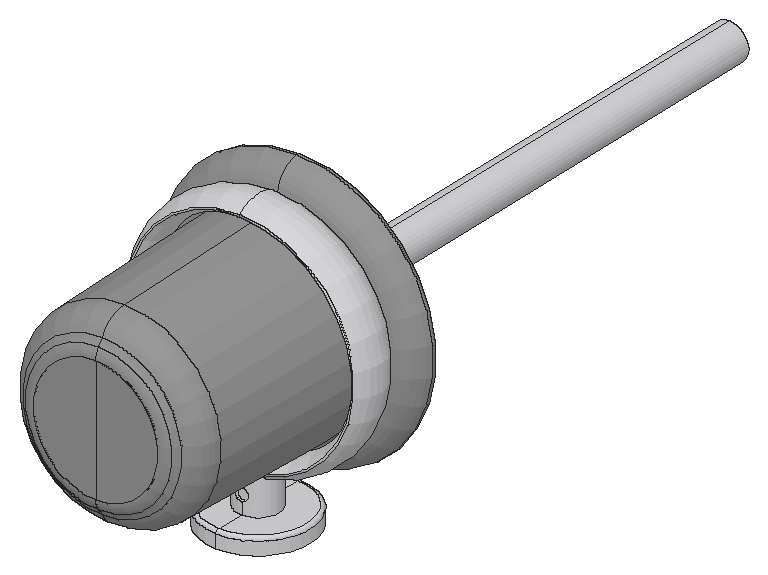
Revit family "Accessory-Brush_Holder-KOHLER-KUMIN-K-97899T-1", category Specialty Equipment, host Face, Revit 2017
Family settings
  Host = Face
  Round Connector Dimension = Use Diameter
  Part Type = Normal
  OmniClass Number = 23.31.25.00
  Cut with Voids When Loaded = No
  Shared = No
  Room Calculation Point = No
Parameters (values of type "CP- Polished Chrome")
  Width = 4 155/256"  # constant formula
  WaterSense Certified = 1 = 0  # no
  URL = "http://www.kohler.com.cn/"
  Type = 1
  Product Page URL = "https://www.kohler.com.cn/product/K-97899T-CP/K-97899T-CP/"
  Product Name = "KUMIN"  # constant formula
  Product Documentation Link = "https://files.kohler.com.cn/pdfs/1489027735923_97878.pdf"
  Model = if(Type = 1, "K-97899T-CP", if(Type = 2, "K-97899T-BL", "NA"))  # "K-97899T-CP"
  Material = "Premium Metal Construction"  # constant formula
  Master Format 2014 Name = "Toilet, Bath, and Laundry Accessories"  # constant formula
  Master Format 2014 = "10 28 00"  # constant formula
  Manufacturer Address = "Kohler Beijing Office (100016) 36-2-03-B, No. 88, Liuxiang Road, Beijing"  # constant formula
  Manufacturer = "KOHLER Co."  # constant formula
  Length = 5 25/128"  # constant formula
  Height = 13 89/256"  # constant formula
  Finish = Kohler-Metal-CP-Polished_Chrome
  Environmental Product Declaration = ""
  Description = "KUMIN Kemei toilet brush holder"  # constant formula
  Default Elevation = 42"
  Declare Label = ""
  Date Modified = "12/29/2020"  # constant formula
  Date Created = "12/29/2020"  # constant formula
  Copyright = "Copyright KOHLER Co."  # constant formula
  Contact Us = "http://www.kohler.com.cn/contact/contact-us/"
  Assembly Code = "C1030200"
  ADA Compliant = 1 = 0  # no
Types (3): name | Type | Product Page URL | Model | Finish
  (no name) | 1 | "https://www.kohler.com.cn/product/K-97899T-CP/K-97899T-CP/" | "K-97899T-CP" | Kohler-Metal-CP-Polished_Chrome
  CP- Polished Chrome | 1 | "https://www.kohler.com.cn/product/K-97899T-CP/K-97899T-CP/" | "K-97899T-CP" | Kohler-Metal-CP-Polished_Chrome
  BL- Matte Black | 2 | "https://www.kohler.com.cn/product/K-97899T-CP/K-97899T-BL/" | "K-97899T-BL" | Kohler-Metal-BL-Matte_Black
Reference planes (in)
  plane 1 "Center (Front/Back)": y = 0
  plane 2: z = 0
  plane 3 "Center (Left/Right)": x = 0
  plane 4: z = 5.19531
  plane 5: x = 2.30315
  plane 6: x = -2.30232
  plane 7: z = 2.8937
  plane 8: x = 0.88583
  plane 9: x = -0.88583
  plane 10: y = -3.42
  plane 11: z = 0.27559
  plane 12: y = -0.88583
  plane 13: y = 9.92766
  plane 14: z = 0.58901
  plane 15: y = 0.88583
Dimensions and locks (in)
  "Height": plane 13 to plane 10
  plane 12 to plane 15 = 1.77165"
  "Width": plane 6 to plane 5
  "Length": level to plane 4
  level to plane 7 = 2.8937"
  plane 14 to plane 4 = 4.6063"
  level to plane 11 = 0.27559"
  plane 13 to plane 10 = 13 89/256"
  plane 15 to plane 12 = 1.77165"
  aligned and locked: plane 2 to host face
  aligned and locked: level to host face
  aligned and locked: plane 1 "Center (Front/Back)" to nested 1
  aligned and locked: plane 3 "Center (Left/Right)" to nested 1
Automatic sketch dimensions
  host sketch curve to host sketch curve = 96"  (x2)
Nested families (in)
  nested 1: "K-97899T" at (0, 0, 0), type "K-97899T"
Definition of nested family "K-97899T"
  Parameters (values of type "K-97899T")
    Material = none
  Reference planes (in)
    plane 1 "Center (Front/Back)": y = 0
    plane 2: z = 0
    plane 3 "Center (Left/Right)": x = 0
    plane 4: z = 0.27559
    plane 5: z = 5.19685
    plane 6: z = 0.59055
    plane 7: y = 0.88583
    plane 8: y = -0.88583
    plane 9: y = -3.42
    plane 10: y = 9.92646
    plane 11: x = -0.88583
    plane 12: x = 0.88583
    plane 13: x = -2.30315
    plane 14: x = 2.30315
    plane 15: z = 2.8937
  Forms (in)
    Revolve 1, solid, material <- "Material", detail levels medium+fine
      sketch origin (0, 0, 0) x (0, 1, 0) y (0, 0, 1)
        loop
          arc (0.88583, 0.21714) -> (0.86871, 0.25847) -> (0.82737, 0.27559) r 0.05845
          line (0.82737, 0.27559) -> (0.35433, 0.27559) -> (0.35433, 0.91721)
          arc (0.35433, 0.91721) -> (0.35821, 0.94422) -> (0.36951, 0.96906) r 0.09616
          line (0.36951, 0.96906) -> (0, 0.96906) -> (0, 0) -> (0.88583, 0) -> (0.88583, 0.21714)
        axis (0, 0) -> (0, 0.96906)
      angle from 0 to 360
    Revolve 2, solid, material <- "Material", detail levels medium+fine
      sketch origin (0, 0, 0) x (0, 1, 0) y (0, 0, 1)
        loop
          arc (0.39112, 4.81669) -> (0.00102, 4.96718) -> (-0.38957, 4.81799) r 0.58338
          arc (-0.38957, 4.81799) -> (-0.39614, 4.80261) -> (-0.38857, 4.78769) r 0.01979
          arc (-0.38857, 4.78769) -> (0.00106, 4.6535) -> (0.39021, 4.78911) r 0.62942
          arc (0.39021, 4.78911) -> (0.39707, 4.80269) -> (0.39112, 4.81669) r 0.01807
        axis (-0.38957, 2.8937) -> (0.39112, 2.8937)
      angle from 0 to 360
    Revolve 3, solid, detail levels medium+fine
      sketch origin (0, 0, 0) x (0, 1, 0) y (0, 0, 1)
        loop
          line (-3.42, 2.8937) -> (-3.24441, 2.8937) -> (-3.24441, 3.94444)
          arc (-3.24441, 3.94444) -> (-3.23798, 3.9787) -> (-3.21957, 4.0083) r 0.09451
          arc (-3.21957, 4.0083) -> (-3.16509, 4.07586) -> (-3.11958, 4.14975) r 0.6858
          arc (-3.11958, 4.14975) -> (-2.98597, 4.29232) -> (-2.79871, 4.34807) r 0.37403
          line (-2.79871, 4.34807) -> (0.1866, 4.42297)
          arc (0.1866, 4.42297) -> (0.44274, 4.52056) -> (0.58105, 4.75721) r 0.4122
          arc (0.58105, 4.75721) -> (0.6767, 4.93418) -> (0.85658, 5.02425) r 0.33437
          arc (0.85658, 5.02425) -> (0.89534, 5.04601) -> (0.91071, 5.08772) r 0.06428
          line (0.91071, 5.08772) -> (0.91071, 5.11889)
          arc (0.91071, 5.11889) -> (0.88243, 5.17919) -> (0.81799, 5.19602) r 0.07844
          arc (0.81799, 5.19602) -> (0.55014, 5.05581) -> (0.40785, 4.78907) r 0.51276
          arc (0.40785, 4.78907) -> (0.32888, 4.65415) -> (0.18278, 4.59852) r 0.23523
          line (0.18278, 4.59852) -> (-2.80311, 4.52361)
          arc (-2.80311, 4.52361) -> (-3.07829, 4.44169) -> (-3.27461, 4.23219) r 0.54962
          arc (-3.27461, 4.23219) -> (-3.30847, 4.17721) -> (-3.349, 4.12695) r 0.51021
          arc (-3.349, 4.12695) -> (-3.40163, 4.04235) -> (-3.42, 3.94444) r 0.2701
          line (-3.42, 3.94444) -> (-3.42, 2.8937)
        axis (0.91071, 2.8937) -> (-3.42, 2.8937)
      angle from 0 to 360
    Revolve 4, solid, material <- "Material", detail levels medium+fine
      sketch origin (0, 0, 0) x (0, 1, 0) y (0, 0, 1)
        loop
          line (9.92646, 2.8937) -> (9.92646, 3.20866) -> (0.65465, 3.20866) -> (0.65465, 3.30614)
          arc (0.65465, 3.30614) -> (0.6486, 3.32073) -> (0.63401, 3.32677) r 0.02063
          line (0.63401, 3.32677) -> (0.30031, 3.32677) -> (0.30031, 3.50394) -> (0.22157, 3.50394) -> (0.22157, 3.47236)
          arc (0.22157, 3.47236) -> (0.20488, 3.43205) -> (0.16457, 3.41535) r 0.05701
          line (0.16457, 3.41535) -> (0.04441, 3.41535) -> (0.04441, 2.8937) -> (9.92646, 2.8937)
        axis (9.92646, 2.8937) -> (0.04441, 2.8937)
      angle from 0 to 360
    Revolve 5, solid, detail levels coarse
      sketch origin (0, 0, 0) x (0, 1, 0) y (0, 0, 1)
        loop
          line (-3.42, 2.8937) -> (-3.24441, 2.8937) -> (-3.24441, 4.33689) -> (0.28942, 4.42555)
          arc (0.28942, 4.42555) -> (0.48806, 4.50991) -> (0.57529, 4.70731) r 0.29347
          arc (0.57529, 4.70731) -> (0.67816, 4.9356) -> (0.91071, 5.02844) r 0.33437
          line (0.91071, 5.02844) -> (0.91071, 5.20458)
          arc (0.91071, 5.20458) -> (0.51875, 5.02171) -> (0.4061, 4.60412) r 0.51276
          line (0.4061, 4.60412) -> (-3.42, 4.50813) -> (-3.42, 2.8937)
        axis (0.91071, 2.8937) -> (-3.42, 2.8937)
      angle from 0 to 360
    Revolve 6, solid, material <- "Material", detail levels coarse
      sketch origin (0, 0, 0) x (0, 1, 0) y (0, 0, 1)
        loop
          line (9.92646, 2.8937) -> (9.92646, 3.20866) -> (0.65465, 3.20866) -> (0.65465, 3.32677) -> (0.30031, 3.32677) -> (0.30031, 3.50394) -> (0.22157, 3.50394) -> (0.22157, 3.41535) -> (0.04441, 3.41535) -> (0.04441, 2.8937) -> (9.92646, 2.8937)
        axis (9.92646, 2.8937) -> (0.04441, 2.8937)
      angle from 0 to 360
    Revolve 7, solid, material <- "Material", detail levels coarse
      sketch origin (0, 0, 0) x (0, 1, 0) y (0, 0, 1)
        loop
          line (0.88583, 0.27559) -> (0.35433, 0.27559) -> (0.35433, 0.96906) -> (0, 0.96906) -> (0, 0) -> (0.88583, 0) -> (0.88583, 0.27559)
        axis (0, 0) -> (0, 0.96906)
      angle from 0 to 360
    Revolve 8, solid, material <- "Material", detail levels coarse
      sketch origin (0, 0, 0) x (0, 1, 0) y (0, 0, 1)
        loop
          line (0.39707, 4.96718) -> (-0.39614, 4.96718) -> (-0.39614, 4.6535) -> (0.39707, 4.6535) -> (0.39707, 4.96718)
        axis (-0.39614, 2.8937) -> (0.39707, 2.8937)
      angle from 0 to 360
    Extrusion 9, void
      sketch origin (0, 0, 0) x (1, 0, 0) y (0, 0, 1)
        loop
          circle (0, 0.58282) r 0.11311
      from 0.29777 to 0.67045
    Revolve 10, solid
      sketch origin (0, 0, 0) x (0, 1, 0) y (0, 0, 1)
        loop
          line (0.04441, 2.8937) -> (0.04441, 4.42046)
          arc (0.04441, 4.42046) -> (-0.89095, 4.36531) -> (-1.82776, 4.34692) r 23.86556
          arc (-1.82776, 4.34692) -> (-2.85297, 3.92087) -> (-3.27426, 2.8937) r 1.44652
          line (-3.27426, 2.8937) -> (0.04441, 2.8937)
        axis (0.04441, 2.8937) -> (-3.27426, 2.8937)
      angle from 0 to 360
  Cuts and joins
    Extrusion 9 cuts Revolve 1
    joined: Revolve 1, Revolve 2
    joined: Revolve 7, Revolve 8
  Lines and regions (in)
    Masking region 1
      outline origin (0, 0, 0) x (0, 1, 0) y (0, 0, 1)
        loop
          line (-3.42, 3.95009) -> (-3.42, 1.83731)
          arc (-3.42, 1.83731) -> (-3.40416, 1.74902) -> (-3.3586, 1.67174) r 0.25396
          arc (-3.3586, 1.67174) -> (-3.31136, 1.61072) -> (-3.27062, 1.54517) r 0.75144
          arc (-3.27062, 1.54517) -> (-3.0764, 1.34283) -> (-2.80727, 1.26387) r 0.54501
          line (-2.80727, 1.26387) -> (-0.39615, 1.20321) -> (-0.39615, 0.99241)
          arc (-0.39615, 0.99241) -> (-0.39015, 0.97184) -> (-0.37404, 0.95772) r 0.03827
          arc (-0.37404, 0.95772) -> (-0.35953, 0.94023) -> (-0.35433, 0.9181) r 0.04968
          line (-0.35433, 0.9181) -> (-0.35433, 0.69966)
          spline (-0.35433, 0.69966) -> (-0.34953, 0.69597) -> (-0.34506, 0.68466) -> (-0.34121, 0.66652) -> (-0.33826, 0.64277) -> (-0.3364, 0.61506) -> (-0.33577, 0.58526) -> (-0.3364, 0.55543) -> (-0.33826, 0.52761) -> (-0.34121, 0.50369) -> (-0.34506, 0.48532) -> (-0.34953, 0.47374) -> (-0.35433, 0.46977)
          line (-0.35433, 0.46977) -> (-0.35433, 0.27559) -> (-0.82642, 0.27559)
          arc (-0.82642, 0.27559) -> (-0.86843, 0.25819) -> (-0.88583, 0.21619) r 0.0594
          line (-0.88583, 0.21619) -> (-0.88583, 0) -> (0.88583, 0) -> (0.88583, 0.21619)
          arc (0.88583, 0.21619) -> (0.86843, 0.25819) -> (0.82642, 0.27559) r 0.0594
          line (0.82642, 0.27559) -> (0.35433, 0.27559) -> (0.35433, 0.9181)
          arc (0.35433, 0.9181) -> (0.36171, 0.94414) -> (0.38164, 0.96246) r 0.04968
          arc (0.38164, 0.96246) -> (0.39292, 0.97638) -> (0.39695, 0.99384) r 0.03981
          line (0.39695, 0.99384) -> (0.39695, 1.03571)
          arc (0.39695, 1.03571) -> (0.40374, 1.00792) -> (0.41036, 0.98009) r 4.66607
          arc (0.41036, 0.98009) -> (0.55624, 0.7251) -> (0.81782, 0.5914) r 0.51484
          arc (0.81782, 0.5914) -> (0.88219, 0.60811) -> (0.91068, 0.66819) r 0.07855
          line (0.91068, 0.66819) -> (0.91068, 2.57874) -> (9.92646, 2.57874) -> (9.92646, 3.20866) -> (0.91068, 3.20866) -> (0.91068, 5.11953)
          arc (0.91068, 5.11953) -> (0.88206, 5.1794) -> (0.81782, 5.196) r 0.07856
          arc (0.81782, 5.196) -> (0.55624, 5.0623) -> (0.41036, 4.80731) r 0.51484
          arc (0.41036, 4.80731) -> (0.40374, 4.77948) -> (0.39695, 4.75169) r 4.66607
          line (0.39695, 4.75169) -> (0.39695, 4.79356)
          arc (0.39695, 4.79356) -> (0.39342, 4.80996) -> (0.38345, 4.82344) r 0.03981
          arc (0.38345, 4.82344) -> (0.00021, 4.9682) -> (-0.38315, 4.82374) r 0.58028
          arc (-0.38315, 4.82374) -> (-0.39275, 4.81077) -> (-0.39615, 4.795) r 0.03827
          line (-0.39615, 4.795) -> (-0.39615, 4.58419) -> (-2.80727, 4.52353)
          arc (-2.80727, 4.52353) -> (-3.0764, 4.44457) -> (-3.27062, 4.24223) r 0.54501
          arc (-3.27062, 4.24223) -> (-3.31136, 4.17669) -> (-3.3586, 4.11566) r 0.75144
          arc (-3.3586, 4.11566) -> (-3.40416, 4.03839) -> (-3.42, 3.95009) r 0.25396
    Masking region 2
      outline origin (0, 0, 0) x (1, 0, 0) y (0, 1, 0)
        loop
          arc (1.05639, -3.42) -> (1.14469, -3.40416) -> (1.22196, -3.3586) r 0.25396
          arc (1.22196, -3.3586) -> (1.28299, -3.31136) -> (1.34853, -3.27062) r 0.75144
          arc (1.34853, -3.27062) -> (1.55087, -3.0764) -> (1.62983, -2.80727) r 0.54501
          line (1.62983, -2.80727) -> (1.69049, -0.39615) -> (1.90129, -0.39615)
          arc (1.90129, -0.39615) -> (1.91707, -0.39275) -> (1.93003, -0.38315) r 0.03827
          arc (1.93003, -0.38315) -> (2.0745, 0.00021) -> (1.92974, 0.38345) r 0.58028
          arc (1.92974, 0.38345) -> (1.91626, 0.39342) -> (1.89986, 0.39695) r 0.03981
          line (1.89986, 0.39695) -> (1.85799, 0.39695)
          arc (1.85799, 0.39695) -> (1.88578, 0.40374) -> (1.91361, 0.41036) r 4.66607
          arc (1.91361, 0.41036) -> (2.1686, 0.55624) -> (2.3023, 0.81782) r 0.51484
          arc (2.3023, 0.81782) -> (2.2857, 0.88206) -> (2.22583, 0.91068) r 0.07856
          line (2.22583, 0.91068) -> (0.31496, 0.91068) -> (0.31496, 9.92646) -> (-0.31496, 9.92646) -> (-0.31496, 0.91068) -> (-2.22583, 0.91068)
          arc (-2.22583, 0.91068) -> (-2.2857, 0.88206) -> (-2.3023, 0.81782) r 0.07856
          arc (-2.3023, 0.81782) -> (-2.1686, 0.55624) -> (-1.91361, 0.41036) r 0.51484
          arc (-1.91361, 0.41036) -> (-1.88578, 0.40374) -> (-1.85799, 0.39695) r 4.66607
          line (-1.85799, 0.39695) -> (-1.89986, 0.39695)
          arc (-1.89986, 0.39695) -> (-1.91626, 0.39342) -> (-1.92974, 0.38345) r 0.03981
          arc (-1.92974, 0.38345) -> (-2.0745, 0.00021) -> (-1.93003, -0.38315) r 0.58028
          arc (-1.93003, -0.38315) -> (-1.91707, -0.39275) -> (-1.90129, -0.39615) r 0.03827
          line (-1.90129, -0.39615) -> (-1.69049, -0.39615) -> (-1.62983, -2.80727)
          arc (-1.62983, -2.80727) -> (-1.55087, -3.0764) -> (-1.34853, -3.27062) r 0.54501
          arc (-1.34853, -3.27062) -> (-1.28299, -3.31136) -> (-1.22196, -3.3586) r 0.75144
          arc (-1.22196, -3.3586) -> (-1.14469, -3.40416) -> (-1.05639, -3.42) r 0.25396
          line (-1.05639, -3.42) -> (1.05639, -3.42)
    Masking region 3
      outline origin (0, 0, 0) x (1, 0, 0) y (0, 0, 1)
        loop
          arc (0.35433, 0.61477) -> (0, 5.20001) -> (-0.35433, 0.61477) r 2.30631
          line (-0.35433, 0.61477) -> (-0.35433, 0.27559) -> (-0.82901, 0.27559)
          arc (-0.82901, 0.27559) -> (-0.86919, 0.25895) -> (-0.88583, 0.21878) r 0.05681
          line (-0.88583, 0.21878) -> (-0.88583, 0) -> (0.88583, 0) -> (0.88583, 0.21878)
          arc (0.88583, 0.21878) -> (0.86919, 0.25895) -> (0.82901, 0.27559) r 0.05681
          line (0.82901, 0.27559) -> (0.35433, 0.27559) -> (0.35433, 0.61477)
    symbolic lines, detail levels medium+fine
      curve 1: line (0, -2.80727, 4.52353) -> (0, -2.80727, 1.26387)
      curve 2: line (0, -0.39615, 4.58419) -> (0, -0.39615, 1.20321)
      curve 3: line (0, 0.39695, 4.75169) -> (0, 0.39695, 1.03571)
      curve 4: line (0, 0.31084, 0.91721) -> (0, -0.31071, 0.91721)
      curve 5: arc (0, -0.31071, 0.91721) -> (0, -0.34652, 0.93804) -> (0, -0.37999, 0.96246) r 0.39999
      curve 6: arc (0, 0.38164, 0.96246) -> (0, 0.3473, 0.93817) -> (0, 0.31084, 0.91721) r 0.44903
      curve 7: arc (0, 0.38164, 0.96246) -> (0, 0.00083, 0.81373) -> (0, -0.37999, 0.96246) r 0.56191
      curve 8: line (0, 0.35433, 0.27559) -> (0, -0.35433, 0.27559)
      curve 9: line (0, 0.88583, 0.21619) -> (0, -0.88583, 0.21619)
      curve 10: line (0, 0.91068, 2.57874) -> (0, 0.91068, 3.20866)
      curve 11: line (0, 0.83213, 5.19731) -> (0, 0.83213, 0.58896)
      curve 12: line (0, 0.38345, 4.82344) -> (0, 0.38345, 0.96396)
      curve 13: line (0, -0.38315, 4.82374) -> (0, -0.38315, 0.96367)
      curve 14: line (0, 9.85367, 3.20866) -> (0, 9.85367, 2.57874)
      curve 15: line (-1.69049, -0.39615, 0) -> (1.69049, -0.39615, 0)
      curve 16: line (-1.85799, 0.39695, 0) -> (1.85799, 0.39695, 0)
      curve 17: line (-1.93003, -0.38315, 0) -> (1.93003, -0.38315, 0)
      curve 18: line (-1.92974, 0.38345, 0) -> (1.92974, 0.38345, 0)
      curve 19: line (2.30361, 0.83213, 0) -> (-2.30361, 0.83213, 0)
      curve 20: line (-1.62983, -2.80727, 0) -> (1.62983, -2.80727, 0)
      curve 21: line (-0.31496, 0.91068, 0) -> (0.31496, 0.91068, 0)
      curve 22: line (-0.31496, 9.85362, 0) -> (0.31496, 9.85362, 0)
      curve 23: line (-0.35433, 0, 0.27559) -> (0.35433, 0, 0.27559)
      curve 24: line (-0.88583, 0, 0.21878) -> (0.88583, 0, 0.21878)
      curve 25: arc (-0.35433, 0, 0.61477) -> (0, 0, 0.59042) -> (0.35433, 0, 0.61477) r 2.59037
      curve 26: arc (0, 0, 3.32677) -> (-0.43307, 0, 2.8937) -> (0, 0, 2.46063) r 0.43307
      curve 27: arc (0, 0, 2.46063) -> (0.43307, 0, 2.8937) -> (0, 0, 3.32677) r 0.43307
      curve 28: arc (0, 0, 1.36827) -> (-1.52543, 0, 2.8937) -> (0, 0, 4.41913) r 1.52543
      curve 29: arc (0, 0, 4.41913) -> (1.52543, 0, 2.8937) -> (0, 0, 1.36827) r 1.52543
      curve 30: circle (0, 0, 2.8937) r 1.77165 normal (0, -1, 0)
      curve 31: circle (0, 0, 2.8937) r 1.5748 normal (0, -1, 0)
      curve 32: circle (0, 0, 2.8937) r 2.16535 normal (0, -1, 0)
      curve 33: circle (0, 0, 2.8937) r 1.47596 normal (0, -1, 0)
  Dimensions and locks (in)
    aligned and locked: plane 2 to level
